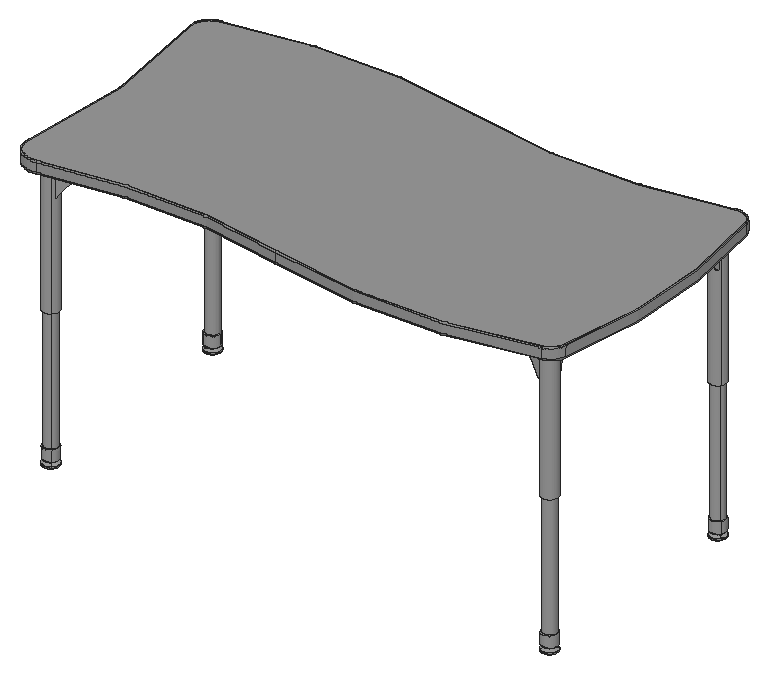
Revit family "Hierarchy Creator Rectangle Table", category Furniture, Revit 2018
Family settings
  Work Plane-Based = No
  Always vertical = Yes
  Cut with Voids When Loaded = No
  Shared = No
  Room Calculation Point = No
Parameters
  Surface = Hierarchy Creator Rectangle Table Surface
  Leg Finish = Hierarchy Leg Platinum
  Table Height = 2' - 5"
  Caster/Glide = Hierarchy Leg - Glide : Hierarchy Leg - Glide
  Edgeband = Hierarchy Creator Rectangle Table Edgeband
Reference planes (in)
  plane 1 "Center (Front/Back)": y = 0
  plane 2: z = 0
  plane 3 "Center (Left/Right)": x = 0
  plane 4: z = 29
Dimensions and locks (in)
  "Table Height": plane 4 to level
  aligned and locked: plane 2 to level
  aligned and locked: nested 1 to plane 4
Nested families (in)
  nested 1: "Creator Rectangle Tabletop" at (0, 0, 1.85825), type "Creator Rectangle Tabletop"
  nested 2: "Hierarchy Leg - Glide" at (-27.73884, 11.16226, 0) x (0.5642, 0.8256, 0) z (0, 0, 1), type <- "Caster/Glide", Leg Finish <- "Leg Finish", Leg Height <- "Table Height", type "Hierarchy Leg - Glide"
  nested 3: "Hierarchy Leg - Glide" at (-26.159, -12.42898, 0) x (-0.7071, 0.7071, 0) z (0, 0, 1), type <- "Caster/Glide", Leg Finish <- "Leg Finish", Leg Height <- "Table Height", type "Hierarchy Leg - Glide"
  nested 4: "Hierarchy Leg - Glide" at (26.16688, -11.15372, 0) x (-0.6695, -0.7428, 0) z (0, 0, 1), Leg Finish <- "Leg Finish", Leg Height <- "Table Height", type "Hierarchy Leg - Glide"
    with Leg Height 2' - 5", Leg Finish Hierarchy Leg Platinum
  nested 5: "Hierarchy Leg - Glide" at (24.99755, 12.78999, 0) x (0.8659, -0.5002, 0) z (0, 0, 1), Leg Finish <- "Leg Finish", Leg Height <- "Table Height", type "Hierarchy Leg - Glide"
    with Leg Height 2' - 5", Leg Finish Hierarchy Leg Platinum
Definition of nested family "Creator Rectangle Tabletop"
  Parameters (values of type "Creator Rectangle Tabletop")
    Surface = none
    Leg Finish = none
    Edgeband = none
  Reference planes (in)
    plane 1 "Center (Front/Back)": y = 0
    plane 2: z = 0
    plane 3 "Center (Left/Right)": x = 0
  Forms (in)
    Extrusion 1, solid, material <- "Surface"
      sketch origin (0.22249, 29.34301, 0) x (0.999048, 0.043619, 0) y (-0.043619, 0.999048, 0)
        loop
          arc (-31.02765, -17.07763) -> (-29.55249, -28.69298) -> (-30.47341, -40.36534) r 57.19885
          arc (-30.47341, -40.36534) -> (-29.84167, -42.36209) -> (-27.83422, -42.95895) r 2.23471
          arc (-27.83422, -42.95895) -> (-15.19337, -41.84848) -> (-2.61844, -43.55011) r 57.24531
          arc (-2.61844, -43.55011) -> (11.11957, -45.25915) -> (24.8642, -43.60415) r 56.97139
          arc (24.8642, -43.60415) -> (25.74007, -43.10512) -> (26.22373, -42.22068) r 1.84797
          arc (26.22373, -42.22068) -> (27.64852, -29.46481) -> (26.18014, -16.71389) r 56.94171
          arc (26.18014, -16.71389) -> (25.36038, -15.56515) -> (23.96868, -15.33117) r 1.84606
          arc (23.96868, -15.33117) -> (10.49853, -16.8002) -> (-2.94512, -15.1057) r 58.03507
          arc (-2.94512, -15.1057) -> (-16.28091, -13.42069) -> (-29.64481, -14.86587) r 57.72018
          arc (-29.64481, -14.86587) -> (-30.79574, -15.68446) -> (-31.02765, -17.07763) r 1.8404
      from 27.14175 to 28.39175
    Sweep 2, solid, material <- "Edgeband"
      path in 3D
        loop
          arc (28.26291, -11.69362, 28.39175) -> (27.81828, -12.59832, 28.39175) -> (26.96502, -13.13507, 28.39175) r 1.84797
          arc (26.96502, -13.13507, 28.39175) -> (13.30566, -15.38803, 28.39175) -> (-0.49383, -14.27986, 28.39175) r 56.97139
          arc (-0.49383, -14.27986, 28.39175) -> (-13.13101, -13.12836, 28.39175) -> (-25.71139, -14.78916, 28.39175) r 57.24531
          arc (-25.71139, -14.78916, 28.39175) -> (-27.74296, -14.28043, 28.39175) -> (-28.4612, -12.31314, 28.39175) r 2.23471
          arc (-28.4612, -12.31314, 28.39175) -> (-28.0503, -0.61171, 28.39175) -> (-30.03071, 10.92823, 28.39175) r 57.19885
          arc (-30.03071, 10.92823, 28.39175) -> (-29.85979, 12.33019, 28.39175) -> (-28.74567, 13.1982, 28.39175) r 1.8404
          arc (-28.74567, 13.1982, 28.39175) -> (-15.45752, 15.22494, 28.39175) -> (-2.06092, 14.12323, 28.39175) r 57.72018
          arc (-2.06092, 14.12323, 28.39175) -> (11.44384, 13.01674, 28.39175) -> (24.83709, 15.07194, 28.39175) r 58.03507
          arc (24.83709, 15.07194, 28.39175) -> (26.23768, 14.89888, 28.39175) -> (27.10676, 13.787, 28.39175) r 1.84606
          arc (27.10676, 13.787, 28.39175) -> (29.12993, 1.11226, 28.39175) -> (28.26291, -11.69362, 28.39175) r 56.94171
      profile origin (29.12993, 1.11226, 28.39175) x (0.998972, 0.045327, 0) y (0, 0, 1)
        loop
          line (0, 0) -> (0, -1.25)
          arc (0, -1.25) -> (0.08793, -1.21358) -> (0.12436, -1.12565) r 0.12436
          line (0.12436, -1.12565) -> (0.12436, -0.12436)
          arc (0.12436, -0.12436) -> (0.08793, -0.03642) -> (0, 0) r 0.12436
    Extrusion 3, solid, material <- "Leg Finish"
      sketch origin (0, 0, 0) x (1, 0, 0) y (0, 1, 0)
        loop
          line (21.625, 0.5) -> (-21.625, 0.5) -> (-21.625, -0.5) -> (21.625, -0.5) -> (21.625, 0.5)
      from 26.14175 to 27.14175
  Lines and regions (in)
    sketch lines
      curve 1: arc (27.10676, 13.787, 28.39175) -> (29.12993, 1.11226, 28.39175) -> (28.26291, -11.69362, 28.39175) r 56.94171
      curve 2: arc (24.83709, 15.07194, 28.39175) -> (26.23768, 14.89888, 28.39175) -> (27.10676, 13.787, 28.39175) r 1.84606
      curve 3: arc (-2.06092, 14.12323, 28.39175) -> (11.44384, 13.01674, 28.39175) -> (24.83709, 15.07194, 28.39175) r 58.03507
      curve 4: arc (-28.74567, 13.1982, 28.39175) -> (-15.45752, 15.22494, 28.39175) -> (-2.06092, 14.12323, 28.39175) r 57.72018
      curve 5: arc (-30.03071, 10.92823, 28.39175) -> (-29.85979, 12.33019, 28.39175) -> (-28.74567, 13.1982, 28.39175) r 1.8404
      curve 6: arc (-28.4612, -12.31314, 28.39175) -> (-28.0503, -0.61171, 28.39175) -> (-30.03071, 10.92823, 28.39175) r 57.19885
      curve 7: arc (-25.71139, -14.78916, 28.39175) -> (-27.74296, -14.28043, 28.39175) -> (-28.4612, -12.31314, 28.39175) r 2.23471
      curve 8: arc (-0.49383, -14.27986, 28.39175) -> (-13.13101, -13.12836, 28.39175) -> (-25.71139, -14.78916, 28.39175) r 57.24531
      curve 9: arc (26.96502, -13.13507, 28.39175) -> (13.30566, -15.38803, 28.39175) -> (-0.49383, -14.27986, 28.39175) r 56.97139
      curve 10: arc (28.26291, -11.69362, 28.39175) -> (27.81828, -12.59832, 28.39175) -> (26.96502, -13.13507, 28.39175) r 1.84797
  Dimensions and locks (in)
    aligned and locked: plane 2 to level
Definition of nested family "Hierarchy Leg - Glide"
  Parameters (values of type "Hierarchy Leg - Glide")
    Leg Finish [instance] = none
    Leg Height [instance] = 2' - 5"
  Reference planes (in)
    plane 1 "Center (Front/Back)": y = 0
    plane 2: z = 0
    plane 3 "Center (Left/Right)": x = 0
  Forms (in)
    Extrusion 1, solid
      sketch origin (-0.01562, 0, 0) x (1, 0, 0) y (0, 1, 0)
        loop
          circle (0.01563, 0) r 0.67016
      from 0.67618 to 16.17618
    Revolve 2, solid
      sketch origin (0, 0, 0) x (1, 0, 0) y (0, 0, 1)
        loop
          line (-0.73189, 1.80118) -> (-0.79439, 1.73867) -> (-0.79439, 0.61381) -> (-0.73176, 0.55118) -> (-0.125, 0.55118) -> (-0.125, 0.42618) -> (-0.84656, 0.16241) -> (-0.84656, 0.08994) -> (-0.81359, 0) -> (0, 0) -> (0, 1.80118) -> (-0.73189, 1.80118)
        axis (0, 1.80118) -> (0, 0)
      angle from 0 to 360
  Dimensions and locks (in)
    "Leg Height": nested 1 to level
    aligned and locked: plane 2 to level
  Automatic sketch dimensions
    plane 1 "Center (Front/Back)" to Extrusion 1 sketch curve = 0' - 0"
    Extrusion 1 sketch curve to plane 3 "Center (Left/Right)" = 0' - 0"
    Revolve 2 sketch curve to level = 0' - 0"
    Revolve 2 sketch curve to plane 3 "Center (Left/Right)" = 0' - 0"  (x2)
    Revolve 2 sketch curve to plane 3 "Center (Left/Right)" = 0' - 0 1/8"
    Revolve 2 sketch curve to Revolve 2 sketch curve = 0' - 0.60676"
    Revolve 2 sketch curve to Revolve 2 sketch curve = 0' - 0.73189"
    Revolve 2 sketch curve to Revolve 2 sketch curve = 0' - 0.06263"  (x2)
    Revolve 2 sketch curve to Revolve 2 sketch curve = 0' - 0.08183"
    Revolve 2 sketch curve to Revolve 2 sketch curve = 0' - 0.03297"
    level to Revolve 2 sketch curve = 0' - 0.08994"
    Revolve 2 sketch curve to Revolve 2 sketch curve = 0' - 0.07247"
    level to Revolve 2 sketch curve = 0' - 0.42618"
    Revolve 2 sketch curve to Revolve 2 sketch curve = 0' - 0 1/8"
    Revolve 2 sketch curve to Revolve 2 sketch curve = 0' - 1.12486"
    Revolve 2 sketch curve to Revolve 2 sketch curve = 0' - 0 1/16"
    Revolve 2 sketch curve to level = 2' - 0"
    Revolve 2 sketch curve to Revolve 2 sketch curve = 8' - 4.91764"
    radius of Extrusion 1 sketch curve = 0' - 0.67016"
  Nested families (in)
    nested 1: "Hierarchy Upper Leg 2023" at (0, 0, 1.19783), Shapes Leg Finish <- "Leg Finish", type "Hierarchy Upper Leg 2023"
      with Shapes Leg Finish none
  Definition of nested family "Hierarchy Upper Leg 2023"
    Parameters (values of type "Hierarchy Upper Leg 2023")
      Shapes Leg Finish [instance] = none
    Reference planes (in)
      plane 1 "Center (Front/Back)": y = 0
      plane 2: z = 0
      plane 3 "Center (Left/Right)": x = 0
    Forms (in)
      Extrusion 1, solid, material <- "Shapes Leg Finish"
        sketch origin (0, 0, 0) x (1, 0, 0) y (0, 1, 0)
          loop
            circle (0, 0) r 0.84802
        from 13.67618 to 27.67618
      Extrusion 2, solid, material <- "Shapes Leg Finish"
        sketch origin (0, 0, 0) x (1, 0, 0) y (0, 1, 0)
          loop
            line (-1.70174, 0.19183) -> (-2.88626, -2.26116)
            arc (-2.88626, -2.26116) -> (-2.83993, -3.09822) -> (-2.1063, -3.50394) r 0.86614
            line (-2.1063, -3.50394) -> (2.1063, -3.50394)
            arc (2.1063, -3.50394) -> (2.83993, -3.09822) -> (2.88626, -2.26116) r 0.86614
            line (2.88626, -2.26116) -> (1.70174, 0.19183)
            arc (1.70174, 0.19183) -> (0, 1.25984) -> (-1.70174, 0.19183) r 1.88976
        from 27.67618 to 27.80217
      Extrusion 3, solid, material <- "Shapes Leg Finish"
        sketch origin (-1.48519, 8.66524, 0) x (-0.434844, 0.900506, 0) y (0, 0, 1)
          loop
            line (-9.01425, 27.67618) -> (-11.80952, 27.67618)
            arc (-11.80952, 27.67618) -> (-11.92325, 27.58993) -> (-11.87088, 27.45715) r 0.11811
            arc (-11.87088, 27.45715) -> (-10.39364, 26.29679) -> (-9.23328, 24.81955) r 7.87402
            arc (-9.23328, 24.81955) -> (-9.1005, 24.76717) -> (-9.01425, 24.88091) r 0.11811
            line (-9.01425, 24.88091) -> (-9.01425, 27.67618)
        from -1.94075 to -1.81476
      Extrusion 4, solid, material <- "Shapes Leg Finish"
        sketch origin (1.48519, 8.66524, 0) x (0.434844, 0.900506, 0) y (0, 0, -1)
          loop
            line (-9.01425, -27.67618) -> (-9.01425, -24.88091)
            arc (-9.01425, -24.88091) -> (-9.1005, -24.76717) -> (-9.23328, -24.81955) r 0.11811
            arc (-9.23328, -24.81955) -> (-10.39364, -26.29679) -> (-11.87088, -27.45715) r 7.87402
            arc (-11.87088, -27.45715) -> (-11.92325, -27.58993) -> (-11.80952, -27.67618) r 0.11811
            line (-11.80952, -27.67618) -> (-9.01425, -27.67618)
        from -1.94075 to -1.81476
    Dimensions and locks (in)
      aligned and locked: plane 2 to level
